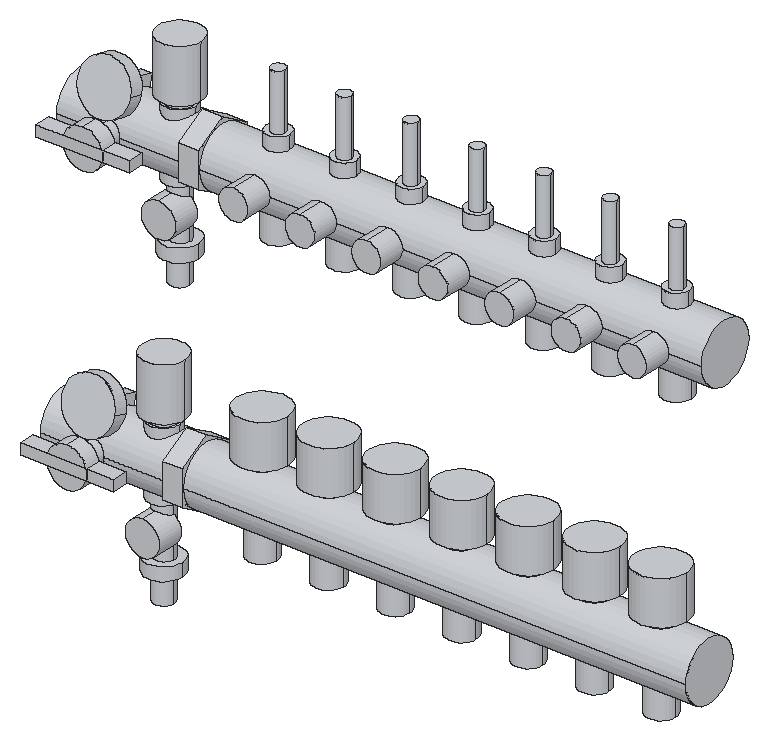
Revit family "318_f16c880827e94962872f661bd91b41", category Pipe Accessories, Revit 2017 (continued)
Connectors
  piping at (199, -15, -248), diameter 18, driven by "Flow return 2", driven by "RBP2"
    settings: on Extrusion 115, index 11, connector inside diameter 609.6 mm, connector length 0 mm, flow factor 0, pipe flow 0.0 L/s, pressure drop 0.0 Pa, fitting loss kfactor 0, connector angle 0.00°, fixture units 0, engagement length 0 mm, angle of deflection 0.00°, flow configuration 0, flow direction 1, fitting loss method 0, system type 8, joint type 0, gender type 0, connector reference index -1, connector utility 0, adjustable connector no, is connector primary no, connector description "Branch_2_2"
  piping at (249, -15, -248), diameter 18, driven by "Flow return 3", driven by "RBP3"
    settings: on Extrusion 117, index 12, connector inside diameter 609.6 mm, connector length 0 mm, flow factor 0, pipe flow 0.0 L/s, pressure drop 0.0 Pa, fitting loss kfactor 0, connector angle 0.00°, fixture units 0, engagement length 0 mm, angle of deflection 0.00°, flow configuration 0, flow direction 1, fitting loss method 0, system type 8, joint type 0, gender type 0, connector reference index -1, connector utility 0, adjustable connector no, is connector primary no, connector description "Branch_2_3"
  piping at (299, -15, -248), diameter 18, driven by "Flow return 4", driven by "RBP4"
    settings: on Extrusion 114, index 13, connector inside diameter 609.6 mm, connector length 0 mm, flow factor 0, pipe flow 0.0 L/s, pressure drop 0.0 Pa, fitting loss kfactor 0, connector angle 0.00°, fixture units 0, engagement length 0 mm, angle of deflection 0.00°, flow configuration 0, flow direction 1, fitting loss method 0, system type 8, joint type 0, gender type 0, connector reference index -1, connector utility 0, adjustable connector no, is connector primary no, connector description "Branch_2_4"
  piping at (349, -15, -248), diameter 18, driven by "Flow return 5", driven by "RBP5"
    settings: on Extrusion 113, index 14, connector inside diameter 609.6 mm, connector length 0 mm, flow factor 0, pipe flow 0.0 L/s, pressure drop 0.0 Pa, fitting loss kfactor 0, connector angle 0.00°, fixture units 0, engagement length 0 mm, angle of deflection 0.00°, flow configuration 0, flow direction 1, fitting loss method 0, system type 8, joint type 0, gender type 0, connector reference index -1, connector utility 0, adjustable connector no, is connector primary no, connector description "Branch_2_5"
  piping at (399, -15, -248), diameter 18, driven by "Flow return 6", driven by "RBP6"
    settings: on Extrusion 112, index 15, connector inside diameter 609.6 mm, connector length 0 mm, flow factor 0, pipe flow 0.0 L/s, pressure drop 0.0 Pa, fitting loss kfactor 0, connector angle 0.00°, fixture units 0, engagement length 0 mm, angle of deflection 0.00°, flow configuration 0, flow direction 1, fitting loss method 0, system type 8, joint type 0, gender type 0, connector reference index -1, connector utility 0, adjustable connector no, is connector primary no, connector description "Branch_2_6"
  piping at (449, -15, -248), diameter 18, driven by "Flow return 7", driven by "RBP7"
    settings: on Extrusion 111, index 16, connector inside diameter 609.6 mm, connector length 0 mm, flow factor 0, pipe flow 0.0 L/s, pressure drop 0.0 Pa, fitting loss kfactor 0, connector angle 0.00°, fixture units 0, engagement length 0 mm, angle of deflection 0.00°, flow configuration 0, flow direction 1, fitting loss method 0, system type 8, joint type 0, gender type 0, connector reference index -1, connector utility 0, adjustable connector no, is connector primary no, connector description "Branch_2_7"
